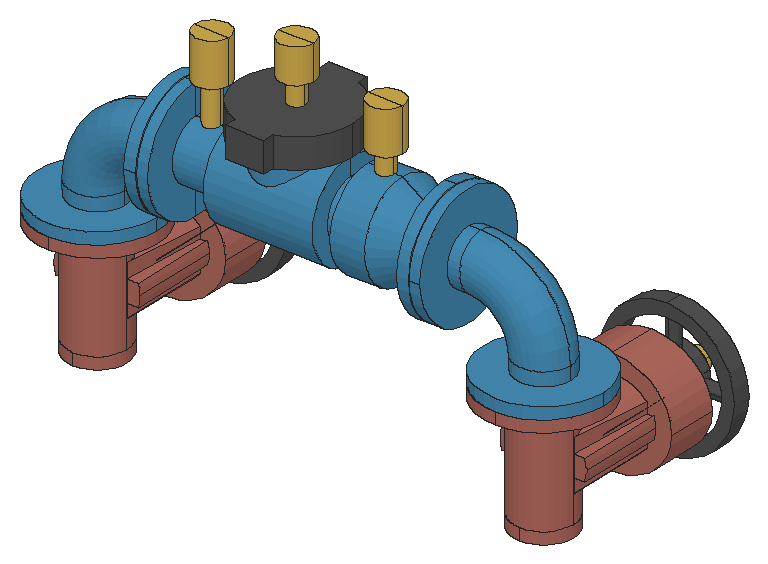
Revit family "backflow_preventer-dc-zurn_wilkins-model_450_450G-(212-3_inch)", category Pipe Accessories, Revit 2022
Family settings
  Round Connector Dimension = Use Radius
  Part Type = Valve - Breaks Into
  OmniClass Number = 23.65.55.14.21
  OmniClass Title = Non-Return Valves for Liquid Services
  Work Plane-Based = No
  Always vertical = Yes
  Cut with Voids When Loaded = No
  Shared = No
Parameters (values of type "212-450G (2-1/2" 450G)")
  Test Cock Center Height = 0' - 3 3/8"
  Symbol Distance = 0' - 3 1/4"
  Symbol = Symbolic diagram 450G : 212"
  Relief valve loction = 0' - 8 1/16"
  Product data url = "https://www.bimobject.com/en/wilkins/product/zurn-450"
  Product Weight (lbs) = 182
  Product Installation Sheet URL = "https://files.zurn.com/care-cleaning-install-warranty-sheets/is350.pdf"
  Product Documentation Link = "https://files.zurn.com/spec-sheets/bf-450-212-3.pdf"
  Modified Date = "10/23/2025"  # constant formula
  Manufacturer Brand = "Zurn Wilkins"  # constant formula
  Main Material = Paint - Zurn - Ductile Iron
  Gate valve = Gate Valve_450 2.5in NRS : 2 1/2" G
  Gate Valve Distance = 0' - 0"
  Flow Rate (GPM) = 0 GPM
  Date Created = "10/23/2025"  # constant formula
  DIM D Center to Coupling End = 0' - 3 3/4"
  DIM C Body center to Gate end = 0' - 11 3/8"
  DIM B Overall Height = 1' - 8 1/2"
  DIM A Length = 2' - 2"
  URL = "https://www.zurn.com"
  Type Comments = ""
  Repair Parts URL = "https://files.zurn.com/repair-parts/350_450_new_file.pdf"
  Rated Flow = 225 GPM
  Product Page URL = "https://www.zurn.com/products/water-control/backflow-preventers/450"
  Pressure Loss at Rated Flow = 8.40 psi
  Nominal Diameter = Nominal Radius * 2  # 0' - 2 1/2"
  Max Working Water Temperature = 140 °F  # constant formula
  Max Working Water Pressure = 175.00 psi  # constant formula
  Length = DIM A Length  # 2' - 2"
  Tesk Cock Height = 0' - 6"
  Symbol Length = 0' - 3"
  Hydrostatic Test Pressure = 350.00 psi  # constant formula
  Height = DIM B Overall Height  # 1' - 8 1/2"
  Gate Length = 0' - 7 1/2"
  Elbow Length = 0' - 5 1/16"
  Elbow = Zurn - Flange - Elbow 450 2.5 NRS : 2.5
  Default Elevation = 0' - 0"
  Body Top radius = 0' - 2 1/2"
  Body Sub A = 0' - 6.35"
  Nominal Radius = 0' - 1 1/4"
  Model = "450G"
  Manufacturer = "Zurn Water, LLC"  # constant formula
  Flange Diameter = 0' - 7"
  Description = "Double Check Valve Assembly"  # constant formula
  Test Cock Second Position = 0' - 11 3/4"
  Test Cock First Position = 0' - 1 5/8"
  Coupling Thickness = 0' - 1"
  Assembly Code = "D2020300"
  Access Panel Radius = Body Sub A * 0.6  # 0' - 3.81"
  Body Size Factor = 0' - 2 1/2"
  Body Large Radius = Body Small Radius * 1.6  # 0' - 2.8"
  Flange Thickness = 0' - 0 11/16"
  Body Small Radius = (Body Size Factor / 2) + 0' 0 1/2"  # 0' - 1 3/4"
  Main Body Length = 1' - 3 7/8"
Reference planes (in)
  plane 1 "Center (Front/Back)": y = 0
  plane 2: z = 0
  plane 3 "Center (Left/Right)": x = 0
  plane 4: x = -13
  plane 5: x = 13
  plane 6: z = 7.5
  plane 7: z = 12.5625
  plane 8: z = 20.5
  plane 9: z = 13.5625
  plane 10: y = 11.375
  plane 11: z = 5.5
  plane 12: y = -3.75
  plane 13: z = 0.375
  plane 14: z = 4.9375
Dimensions and locks (in)
  equal spacing: plane 4, plane 3 "Center (Left/Right)", plane 5
  "Gate Length": plane 6 to level
  "Elbow Length": plane 7 to plane 6
  "DIM B Overall Height": plane 8 to level
  nested 2 to nested 1 = 1' - 3 7/8"
  nested 3 to nested 3 = 1' - 3 7/8"
  nested 3 to plane 5 = 0' - 5 1/16"
  plane 5 to nested 3 = 0' - 5 1/16"
  plane 7 to level = 1' - 0 9/16"
  locked: plane 9 to level at 13.5625
  "DIM C Body center to Gate end": plane 10 to plane 1 "Center (Front/Back)"
  "DIM A Length": plane 5 to plane 4
  "Relief valve loction": plane 9 to plane 11
  "DIM D Center to Coupling End": plane 12 to plane 1 "Center (Front/Back)"
  locked: plane 14 to plane 13 at 4.5625
  "Symbol Distance": level to nested 4
  aligned and locked: plane 5 to nested 1
  aligned and locked: nested 1 to plane 6
  aligned and locked: nested 2 to plane 6
  aligned and locked: plane 4 to nested 2
  aligned and locked: plane 3 "Center (Left/Right)" to nested 3
  aligned and locked: plane 1 "Center (Front/Back)" to nested 3
  aligned and locked: plane 7 to nested 3
  aligned and locked: plane 3 "Center (Left/Right)" to nested 4
  aligned and locked: plane 1 "Center (Front/Back)" to nested 4
  aligned and locked: nested 2 to plane 1 "Center (Front/Back)"
  aligned and locked: nested 1 to plane 1 "Center (Front/Back)"
  aligned and locked: nested 5 to plane 5
  aligned and locked: plane 6 to nested 5
  aligned and locked: nested 6 to plane 4
  aligned and locked: plane 6 to nested 6
  aligned and locked: nested 6 to plane 1 "Center (Front/Back)"
  aligned and locked: nested 5 to plane 1 "Center (Front/Back)"
Nested families (in)
  nested 1: "Zurn - Flange - Elbow 450 2.5 NRS" at (7.9375, 0, 12.5625), type <- "Elbow", type "2.5", detail levels fine
  nested 2: "Zurn - Flange - Elbow 450 2.5 NRS" at (-7.9375, 0, 12.5625) x (-1, 0, 0) z (0, 0, 1), type <- "Elbow", type "2.5", detail levels fine
  nested 3: "Main Body 450 2.5in NRS" at (2.01587, 3, 12.5625), Test Cock Center Height <- "Test Cock Center Height", Relief Valve Location Bottom <- "Relief valve loction", Dim C <- "DIM D Center to Coupling End", Body Top radius <- "Body Top radius", type "6"", detail levels fine
    with Test Cock Center Height 0' - 3 3/8", Relief Valve Location Bottom 0' - 8 1/16", Dim C 0' - 3 3/4", DA Test Cock Height 0' - 6 1/2", Body Top radius 0' - 2 1/2", Sub Body A 0' - 6.35", Flange Diameter 0' - 7", Flange Radius 0' - 3 1/2", DA Second Position 0' - 11 3/4", DA First Position 0' - 1 5/8", Access Panel Radius 0' - 3.81", Pipe Size 0' - 2 1/2", Overall Body Length 2' - 2", Larger Radius 0' - 2.8", Body Radius 0' - 1 3/4", Main Body Length 1' - 3 7/8"
  nested 4: "Symbolic diagram 450G" at (0, 0, 0), type <- "Symbol", type "212"", detail levels coarse+medium
    with Product Install & Maintenance Sheet URL ""
  nested 5: "Gate Valve_450 2.5in NRS" at (13, 0, 3.75) x (0, 0, 1) z (0, 1, 0), type <- "Gate valve", type "2 1/2" G", detail levels fine
    with Housing Top Radius 0' - 1 11/16", Housing Bottom Radius 0' - 1 13/16", Horizontal Flange Thickness 0' - 2 7/8", Horizontal Flange Height 0' - 7 7/8", Cover Diameter 0' - 3", Body Radius 0' - 1 3/4", Body Diameter 0' - 3 1/2"
  nested 6: "Gate Valve_450 2.5in NRS" at (-13, 0, 3.75) x (0, 0, 1) z (0, 1, 0), type <- "Gate valve", type "2 1/2" G", detail levels fine
    with Housing Top Radius 0' - 1 11/16", Housing Bottom Radius 0' - 1 13/16", Horizontal Flange Thickness 0' - 2 7/8", Horizontal Flange Height 0' - 7 7/8", Cover Diameter 0' - 3", Body Radius 0' - 1 3/4", Body Diameter 0' - 3 1/2"
Connectors (in)
  piping at (-13, 0, 0), diameter 2.5, driven by "Nominal Radius"
    settings: on nested 6, index 1, connector inside diameter 24", connector length 0' - 0", flow factor 0, pipe flow 0 GPM, pressure drop 0.00 psi, fitting loss kfactor 0, connector angle 0.00°, fixture units 0, engagement length 0' - 0", angle of deflection 0.00°, flow configuration 0, flow direction 1, fitting loss method 0, system type 29, joint type 0, gender type 0, connector reference index 2, connector utility 0, adjustable connector no, is connector primary yes, connector description "Inlet"
  piping at (13, 0, 0), diameter 2.5, driven by "Nominal Radius"
    settings: on nested 5, index 2, connector inside diameter 24", connector length 0' - 0", flow factor 0, pipe flow 0 GPM, pressure drop 0.00 psi, fitting loss kfactor 0, connector angle 0.00°, fixture units 0, engagement length 0' - 0", angle of deflection 0.00°, flow configuration 0, flow direction 2, fitting loss method 0, system type 29, joint type 0, gender type 0, connector reference index 1, connector utility 0, adjustable connector no, is connector primary no, connector description "Outlet"
Definition of nested family "Zurn - Flange - Elbow 450 2.5 NRS"
  Parameters (values of type "2.5")
    Pipe Outside Radius = Pipe Outside Diameter / 2  # 0' - 1 19/32"
    Pipe Outside Diameter = 0' - 3 3/16"
    Nominal Radius = Nominal Diameter / 2  # 1 1/4"
    Nominal Diameter = 2 1/2"
    Material = none
    Loss Method = (empty or 0)
    K Coefficient = 0
    Flange Thickness = 0' - 0 11/16"
    Flange Radius = Flange Diameter / 2  # 0' - 3 1/2"
    Flange Diameter = 0' - 7"
    Elbow Length Y = 0' - 5 1/16"
    Elbow Length X = 0' - 5 1/16"
    Default Elevation = 0' - 0"
    Assembly Code = ""
  Types (2): name | Pipe Outside Radius | Pipe Outside Diameter | Nominal Radius | Nominal Diameter | Flange Radius | Flange Diameter | Elbow Length Y | Elbow Length X
    2.5 | 0' - 1 19/32" | 0' - 3 3/16" | 1 1/4" | 2 1/2" | 0' - 3 1/2" | 0' - 7" | 0' - 5 1/16" | 0' - 5 1/16"
    3" | 0' - 2" | 0' - 4" | 1 1/2" | 3" | 0' - 3 3/4" | 0' - 7 1/2" | 0' - 5 9/16" | 0' - 3 3/4"
  Reference planes (in)
    plane 1 "Center (Front/Back)": y = 0
    plane 2: z = 0
    plane 3 "Center (Left/Right)": x = 0
    plane 4: x = 0.6875
    plane 5: x = 5.0625
    plane 6: z = -4.375
    plane 7 "Flange Valve Connection": z = -5.0625
  Forms (in)
    Extrusion 1, solid, material <- "Material", detail levels fine
      sketch origin (0, 0, 0) x (0, 1, 0) y (0, 0, 1)
        loop
          circle (0, 0) r 3.5
      from 0 to 0.6875
    Extrusion 2, solid, material <- "Material", detail levels fine
      sketch origin (0, 0, -5.0625) x (-1, 0, 0) y (0, -1, 0)
        loop
          circle (-5.0625, 0) r 3.5
      from 0 to 0.6875
    Sweep 3, solid, material <- "Material", detail levels fine
      path origin (0, 0, 0) x (1, 0, 0) y (0, 0, 1)
        loop
          line (0, 0) -> (1.4375, 0)
          arc (1.4375, 0) -> (4.00076, -1.06174) -> (5.0625, -3.625) r 3.625
          line (5.0625, -3.625) -> (5.0625, -5.0625)
      profile origin (0.71875, 0, 0) x (0, 0, 1) y (0, -1, 0)
        loop
          circle (0, 0) r 1.59375
  Lines and regions (in)
    Masking region 1, detail levels fine
      outline origin (0, 0, 0) x (1, 0, 0) y (0, 1, 0)
        loop
          line (0, -3.5) -> (0.6875, -3.5) -> (0.6875, 3.5) -> (0, 3.5) -> (0, -3.5)
    Masking region 2, detail levels fine
      outline origin (0, 0, 0) x (1, 0, 0) y (0, 1, 0)
        loop
          arc (1.94642, -1.59375) -> (8.5625, 0) -> (1.94642, 1.59375) r 3.5
          line (1.94642, 1.59375) -> (0, 1.59375) -> (0, -1.59375) -> (1.94642, -1.59375)
  Dimensions and locks (in)
    "Flange Thickness": plane 4 to plane 3 "Center (Left/Right)"
    "Elbow Length X": plane 5 to plane 3 "Center (Left/Right)"
    "Elbow Length Y": level to plane 7 "Flange Valve Connection"
    "Flange Thickness": plane 6 to plane 7 "Flange Valve Connection"
    locked: plane 1 "Center (Front/Back)" to Extrusion 1 sketch curve
    locked: level to Extrusion 1 sketch curve
    locked: plane 5 to Extrusion 2 sketch curve
    locked: plane 1 "Center (Front/Back)" to Extrusion 2 sketch curve
    "Flange Radius": plane 1 "Center (Front/Back)" to Masking region 1 sketch curve
    "Flange Radius": Masking region 1 sketch curve to plane 1 "Center (Front/Back)"
    "Pipe Outside Radius": plane 1 "Center (Front/Back)" to Masking region 2 sketch curve
    "Pipe Outside Radius": Masking region 2 sketch curve to plane 1 "Center (Front/Back)"
    "Pipe Outside Radius": radius of Sweep 3 sketch curve
    "Flange Diameter": diameter of Extrusion 1 sketch curve
    "Flange Diameter": diameter of Extrusion 2 sketch curve
    aligned and locked: plane 4 to Extrusion 1
    aligned and locked: Extrusion 1 to plane 3 "Center (Left/Right)"
    aligned and locked: Extrusion 2 to plane 7 "Flange Valve Connection"
    aligned and locked: plane 6 to Extrusion 2
    aligned and locked: Sweep 3 sketch curve to level
    aligned and locked: Sweep 3 sketch curve to plane 5
    aligned and locked: Masking region 1 sketch curve to plane 3 "Center (Left/Right)"
    aligned and locked: plane 4 to Masking region 1 sketch curve
    aligned and locked: Masking region 2 sketch curve to Extrusion 2
    aligned and locked: plane 3 "Center (Left/Right)" to Masking region 2 sketch curve
  Automatic sketch dimensions
    Sweep 3 sketch curve to plane 1 "Center (Front/Back)" = 0' - 0"
    profile plane to Sweep 3 sketch curve = 0' - 0"
    Sweep 3 sketch curve to plane 3 "Center (Left/Right)" = 0' - 0"
    Sweep 3 sketch curve to plane 7 "Flange Valve Connection" = 0' - 0"
    plane 4 to Sweep 3 sketch curve = 0' - 0 3/4"
Definition of nested family "Main Body 450 2.5in NRS"
  Parameters (values of type "6"")
    Test Cock Radius = 0' - 0 1/2"
    Test Cock Center Height [instance] = 0' - 3"
    Relief Valve Location Length = 0' - 8 3/8"
    Relief Valve Location Bottom [instance] = 0' - 9 3/8"
    Loss Method = (empty or 0)
    Dim C [instance] = 0' - 3 1/2"
    Default Elevation = 0' - 0"
    DA Test Cock Height [instance] = 1' - 0 79/128"
    Sub Body A = 0' - 6 1/2"
    Weight = "196 lbs, (88.9 kgs)"
    Flange Diameter = 0' - 7 1/2"
    Flange Radius = Flange Diameter / 2  # 0' - 3 3/4"
    DA Second Position = 1' - 2"
    DA First Position = 0' - 1 7/8"
    Coupling Width = 0' - 2 1/4"
    Body Top radius [instance] = 0' - 2 1/4"
    Assembly Code = ""
    Access Panel Radius = Sub Body A * 0.6  # 0' - 3.9"
    Pipe Size = 0' - 3"
    Overall Body Length = 2' - 3"
    Larger Radius = Body Radius * 1.6  # 0' - 3.2"
    Flange Thickness = 0' - 0 11/16"
    Body Radius = (Pipe Size / 2) + 0' 0 1/2"  # 0' - 2"
    Main Body Length = 1' - 7 1/2"
  Reference planes (in)
    plane 1 "Center (Front/Back)": y = -3
    plane 2: z = 0
    plane 3 "Center (Left/Right)": x = -2.01587
    plane 4: z = 2
    plane 5: x = -11.76587
    plane 6: x = 7.73413
    plane 7: y = -1
    plane 8: y = -5
    plane 9: z = -2
    plane 10: x = 6.23413
    plane 11 "G Center": x = -3.39087
    plane 12: x = -15.51587
    plane 13: x = 11.48413
    plane 14: x = -1.64087
    plane 15: x = 1.23413
    plane 16: y = 0.2
    plane 17: y = -6.2
    plane 18: x = -8.14087
    plane 19: x = -4.89087
    plane 20: z = 3.2
    plane 21: z = -3.2
    plane 22: z = 4.95
    plane 23: z = -9.375
    plane 24: z = -4.7
    plane 25: x = 7.04663
    plane 26: x = -11.07837
    plane 27: x = 3.23413
    plane 28: x = -0.64087
    plane 29 "DA First": x = -9.89087
    plane 30: y = 0
    plane 31: z = -6.7375
    plane 32: x = -7.39087
    plane 33: x = -4.14087
    plane 34: x = -6.64087
    plane 35: x = -5.89087
    plane 36 "DA Second": x = 2.23413
    plane 37 "975 plan": y = 6.75
    plane 38: y = 0.0006
    plane 39: y = 8.8744
    plane 40: y = 0.5
    plane 41: y = -6.5
  Forms (in)
    Revolve 1, solid, detail levels fine
      sketch origin (0, -3, 0) x (1, 0, 0) y (0, 0, 1)
        loop
          line (-4.89087, 7.95) -> (-5.89087, 7.95) -> (-5.89087, 5.95) -> (-5.39087, 5.95) -> (-5.39087, 4.95) -> (-4.89087, 4.95) -> (-4.89087, 7.95)
        axis (-4.89087, 4.95) -> (-4.89087, 7.95)
      angle from 0 to 360
    Revolve 2, solid, detail levels fine
      sketch origin (0, -3, 0) x (1, 0, 0) y (0, 0, 1)
        loop
          line (-11.76587, 0) -> (7.73413, 0) -> (7.73413, 3.75) -> (7.04663, 3.75) -> (7.04663, 2) -> (6.23413, 2) -> (3.23413, 3.2) -> (1.23413, 3.2) -> (-0.64087, 2) -> (-1.64087, 2) -> (-1.64087, 3.2) -> (-8.14087, 3.2) -> (-8.14087, 2) -> (-11.07837, 2) -> (-11.07837, 3.75) -> (-11.76587, 3.75) -> (-11.76587, 0)
        axis (-11.76587, 0) -> (7.73413, 0)
      angle from 0 to 360
    Revolve 3, solid, detail levels fine
      sketch origin (0, -3, 0) x (1, 0, 0) y (0, 0, 1)
        loop
          line (-4.89087, 4.95) -> (-8.26587, 4.95) -> (-8.26587, 3.2) -> (-4.89087, 3.2) -> (-4.89087, 4.95)
        axis (-4.89087, 4.95) -> (-4.89087, 3.2)
      angle from 0 to 360
    Revolve 4, solid, detail levels fine
      sketch origin (0, -3, 0) x (1, 0, 0) y (0, 0, 1)
        loop
          line (-9.89087, 12.61719) -> (-10.89087, 12.61719) -> (-10.89087, 10.11719) -> (-10.39087, 10.11719) -> (-10.39087, 0) -> (-9.89087, 0) -> (-9.89087, 12.61719)
        axis (-9.89087, 0) -> (-9.89087, 12.61719)
      angle from 0 to 360
    Revolve 5, solid, detail levels fine
      sketch origin (0, -3, 0) x (1, 0, 0) y (0, 0, 1)
        loop
          line (1.23413, 12.61719) -> (1.23413, 10.11719) -> (1.73413, 10.11719) -> (1.73413, 0) -> (2.23413, 0) -> (2.23413, 12.61719) -> (1.23413, 12.61719)
        axis (2.23413, 12.61719) -> (2.23413, 0)
      angle from 0 to 360
    Revolve 6, solid, not visible, detail levels fine
      sketch origin (11.35094, 0.0006, 9.04581) x (1, 0, 0) y (0, 0, 1)
        loop
          line (0.21059, 8.51012) -> (2.6859, 10.98544) -> (2.31539, 11.35595) -> (2.0692, 11.10976) -> (1.49857, 11.68039) -> (1.12385, 11.30567) -> (1.24832, 11.18121) -> (-0.60609, 9.3268) -> (0.21059, 8.51012)
        axis (0.21059, 8.51012) -> (2.6859, 10.98544)
      angle from 0 to 360
    Revolve 7, solid, not visible, detail levels fine
      sketch origin (2.52997, 0.0006, 20.02093) x (0, 0, -1) y (1, 0, 0)
        loop
          line (2.40235, 10.70189) -> (4.87767, 13.1772) -> (4.50716, 13.54771) -> (4.26097, 13.30153) -> (3.69034, 13.87216) -> (3.31562, 13.49744) -> (3.44008, 13.37297) -> (1.58568, 11.51857) -> (2.40235, 10.70189)
        axis (2.40235, 10.70189) -> (4.87767, 13.1772)
      angle from 0 to 360
    Revolve 8, solid, not visible, detail levels fine
      sketch origin (11.5154, 0.0006, 9.22344) x (1, 0, 0) y (0, 0, 1)
        loop
          line (-2.05488, 8.2058) -> (5.10322, 8.2058) -> (5.10322, 8.87623) -> (-2.05488, 8.87623) -> (-2.05488, 8.2058)
        axis (-2.05488, 8.2058) -> (5.10322, 8.2058)
      angle from 0 to 360
    Extrusion 9, solid, not visible, detail levels fine
      sketch origin (11.59116, 0, 9.22344) x (1, 0, 0) y (0, 0, 1)
        loop
          line (0.17343, 5.93473) -> (1.74663, 5.93473) -> (1.74663, 8.18323) -> (0.17343, 8.18323) -> (0.17343, 5.93473)
      from -0.15 to 0.15
    Extrusion 10, solid, not visible, detail levels fine
      sketch origin (11.53113, 0, 6.68212) x (1, 0, 0) y (0, 0, 1)
        loop
          line (1.87298, 7.9111) -> (1.87298, 6.62405) -> (2.37298, 6.62405) -> (2.37298, 7.6611)
          arc (2.37298, 7.6611) -> (2.29976, 7.83788) -> (2.12298, 7.9111) r 0.25
          line (2.12298, 7.9111) -> (1.87298, 7.9111)
      from -0.25 to 0.25
    Revolve 11, solid, not visible, detail levels fine
      sketch origin (13.03957, 0, 17.42924) x (1, 0, 0) y (0, 0, 1)
        loop
          line (-1.1505, -0.75) -> (-1.67885, -0.75) -> (-1.67885, -2.875) -> (-1.1505, -2.875) -> (-1.1505, -0.75)
        loop
          line (-2.21463, -0.75) -> (-2.21463, -2.875) -> (-1.68628, -2.875) -> (-1.68628, -0.75) -> (-2.21463, -0.75)
        axis (-1.1505, -2.875) -> (-2.21463, -2.875)
      angle from 0 to 360
    Revolve 12, solid, not visible, detail levels fine
      sketch origin (13.03957, 0, 17.42924) x (1, 0, 0) y (0, 0, 1)
        loop
          line (-1.15793, -2.875) -> (-1.15793, -4.37148) -> (0.65675, -3.83098) -> (0.65675, -2.875) -> (-1.15793, -2.875)
        axis (0.65675, -2.875) -> (-1.15793, -2.875)
      angle from 0 to 360
    Revolve 13, solid, not visible, detail levels fine
      sketch origin (13.03957, 0, 17.42924) x (1, 0, 0) y (0, 0, 1)
        loop
          line (-2.21463, -2.875) -> (-2.21463, -2.50845) -> (-2.6114, -2.50845) -> (-2.6114, -2.875) -> (-2.21463, -2.875)
        axis (-2.21463, -2.875) -> (-2.6114, -2.875)
      angle from 0 to 360
    Extrusion 14, solid, detail levels fine
      sketch origin (0, -3, 0) x (1, 0, 0) y (0, 0, 1)
        loop
          line (-6.01587, 4.95) -> (-6.01587, 3.2) -> (-3.76587, 3.2) -> (-3.76587, 4.95) -> (-6.01587, 4.95)
      from -3.5 to 3.5
    Extrusion 15, solid, detail levels fine
      sketch origin (0, 0, 0) x (1, 0, 0) y (0, 1, 0)
        loop
          circle (-4.89087, -3) r 2.25
      from 0 to 3.2
  Cuts and joins
    joined: Revolve 3, Extrusion 14
    joined: Revolve 2, Extrusion 15
  Lines and regions (in)
    Masking region 1, detail levels fine
      outline origin (0, 0, 0) x (1, 0, 0) y (0, 1, 0)
        loop
          line (-11.76587, 0.75) -> (-11.76587, -3) -> (-11.76587, -6.75) -> (-11.07837, -6.75) -> (-11.07837, -5) -> (-8.14087, -5) -> (-8.14087, -6.2) -> (-7.12022, -6.2)
          arc (-7.12022, -6.2) -> (-4.89087, -6.9) -> (-2.66152, -6.2) r 3.9
          line (-2.66152, -6.2) -> (-1.64087, -6.2) -> (-1.64087, -5) -> (-0.64087, -5) -> (1.23413, -6.2) -> (3.23413, -6.2) -> (6.23413, -5) -> (7.04663, -5) -> (7.04663, -6.75) -> (7.73413, -6.75) -> (7.73413, -3) -> (7.73413, 0.75) -> (7.04663, 0.75) -> (7.04663, -1) -> (6.23413, -1) -> (3.23413, 0.2) -> (1.23413, 0.2) -> (-0.64087, -1) -> (-1.64087, -1) -> (-1.64087, 0.2) -> (-2.66152, 0.2)
          arc (-2.66152, 0.2) -> (-4.89087, 0.9) -> (-7.12022, 0.2) r 3.9
          line (-7.12022, 0.2) -> (-8.14087, 0.2) -> (-8.14087, -1) -> (-11.07837, -1) -> (-11.07837, 0.75) -> (-11.76587, 0.75)
    symbolic lines, detail levels fine
      curve 1: line (7.04663, -1, 0) -> (6.23413, -1, 0)
      curve 2: line (7.04663, -5, 0) -> (6.23413, -5, 0)
      curve 3: line (-0.64087, -1, 0) -> (-1.64087, -1, 0)
      curve 4: line (-0.64087, -5, 0) -> (-1.64087, -5, 0)
      curve 5: line (-8.14087, -6.2, 0) -> (-8.14087, 0.2, 0)
      curve 6: line (-1.64087, 0.2, 0) -> (-1.64087, -6.2, 0)
      curve 7: line (-0.64087, -1, 0) -> (1.23413, 0.2, 0)
      curve 8: line (1.23413, 0.2, 0) -> (3.23413, 0.2, 0)
      curve 9: line (3.23413, 0.2, 0) -> (6.23413, -1, 0)
      curve 10: line (6.23413, -5, 0) -> (3.23413, -6.2, 0)
      curve 11: line (3.23413, -6.2, 0) -> (1.23413, -6.2, 0)
      curve 12: line (1.23413, -6.2, 0) -> (-0.64087, -5, 0)
      curve 13: line (-8.14087, -1, 0) -> (-11.07837, -1, 0)
      curve 14: line (-11.07837, -5, 0) -> (-8.14087, -5, 0)
      curve 15: line (1.23413, 0.2, 0) -> (1.23413, -6.2, 0)
      curve 16: line (3.23413, 0.2, 0) -> (3.23413, -6.2, 0)
      curve 17: line (-0.64087, -1, 0) -> (-0.64087, -5, 0)
      curve 18: line (6.23413, -1, 0) -> (6.23413, -5, 0)
      curve 19: line (-11.76587, 0.75, 0) -> (-11.07837, 0.75, 0)
      curve 20: line (-11.76587, -6.75, 0) -> (-11.76587, 0.75, 0)
      curve 21: line (-11.07837, -6.75, 0) -> (-11.76587, -6.75, 0)
      curve 22: line (-11.07837, 0.75, 0) -> (-11.07837, -6.75, 0)
      curve 23: line (7.04663, -6.75, 0) -> (7.73413, -6.75, 0)
      curve 24: line (7.04663, 0.75, 0) -> (7.04663, -6.75, 0)
      curve 25: line (7.73413, 0.75, 0) -> (7.04663, 0.75, 0)
      curve 26: line (7.73413, -6.75, 0) -> (7.73413, 0.75, 0)
  Dimensions and locks (in)
    equal spacing: plane 5, plane 3 "Center (Left/Right)", plane 6
    "Main Body Length": plane 5 to plane 6
    "Relief Valve Location Length": plane 5 to plane 11 "G Center"
    equal spacing: plane 12, plane 3 "Center (Left/Right)", plane 13
    "Overall Body Length": plane 12 to plane 13
    locked: plane 29 "DA First" to plane 18 at 1.75
    "Sub Body A": plane 18 to plane 14
    equal spacing: plane 18, plane 19, plane 14
    locked: plane 22 to plane 20 at 1.75
    "Relief Valve Location Bottom": level to plane 23
    locked: plane 21 to plane 24 at 1.5
    "Flange Thickness": plane 25 to plane 6
    "Flange Thickness": plane 26 to plane 5
    locked: plane 10 to plane 6 at 1.5
    locked: plane 15 to plane 27 at 2
    "Test Cock Center Height": plane 30 to plane 1 "Center (Front/Back)"
    plane 11 "G Center" to plane 33 to plane 35 to plane 34 to plane 32 = 0' - 0 3/4" locked, 0' - 1 3/4" locked, 0' - 0 3/4" locked, 0' - 0 3/4" locked
    "Flange Radius": plane 1 "Center (Front/Back)" to curve 19
    "Flange Radius": plane 1 "Center (Front/Back)" to curve 21
    locked: plane 31 to plane 23 at 2.6375
    "Test Cock Radius": Revolve 1 sketch curve to Revolve 1 sketch curve
    equal spacing: plane 27, plane 36 "DA Second", plane 15
    Revolve 3 sketch curve to plane 18 = 0' - 0 1/8"
    "Test Cock Radius": Revolve 4 sketch curve to Revolve 4 sketch curve
    "DA Test Cock Height": Revolve 4 sketch curve to level
    "Test Cock Radius": Revolve 5 sketch curve to Revolve 5 sketch curve
    "DA Test Cock Height": Revolve 5 sketch curve to Revolve 5 sketch curve
    "Flange Radius": Revolve 2 sketch curve to level  (x2)
    "Flange Thickness": Revolve 2 sketch curve to Revolve 2 sketch curve  (x2)
    "DA First Position": plane 5 to plane 29 "DA First"
    "DA Second Position": plane 5 to plane 36 "DA Second"
    plane 14 to plane 28 = 0' - 1"
    "Test Cock Center Height": Revolve 1 sketch curve to plane 22
    locked: Revolve 5 sketch curve to Revolve 5 sketch curve at 0.5
    locked: Revolve 5 sketch curve to Revolve 5 sketch curve at 2.5
    locked: Revolve 1 sketch curve to Revolve 1 sketch curve at 0.5
    locked: Revolve 4 sketch curve to Revolve 4 sketch curve at 0.5
    locked: Revolve 4 sketch curve to Revolve 4 sketch curve at 2.5
    "Larger Radius": plane 20 to level
    "Larger Radius": level to plane 21
    "Larger Radius": plane 16 to plane 1 "Center (Front/Back)"
    "Larger Radius": plane 17 to plane 1 "Center (Front/Back)"
    "Body Radius": plane 7 to plane 1 "Center (Front/Back)"
    "Body Radius": plane 8 to plane 1 "Center (Front/Back)"
    "Body Radius": plane 4 to level
    "Body Radius": level to plane 9
    locked: plane 39 to plane 37 "975 plan" at 2.1244
    plane 39 to plane 1 "Center (Front/Back)" = 0' - 11.8744"
    locked: Revolve 1 sketch curve to Revolve 1 sketch curve at 2
    equal spacing: Extrusion 14 sketch curve, plane 19, Extrusion 14 sketch curve
    "Coupling Width": Extrusion 14 sketch curve to Extrusion 14 sketch curve
    equal spacing: plane 40, plane 1 "Center (Front/Back)", plane 41
    "Dim C": plane 40 to plane 1 "Center (Front/Back)"
    "Access Panel Radius": radius of Masking region 1 sketch curve  (x2)
    "Body Top radius": radius of Extrusion 15 sketch curve
    aligned and locked: curve 6 to plane 14
    aligned and locked: plane 18 to curve 5
    aligned and locked: plane 16 to curve 8
    aligned and locked: plane 17 to curve 11
    aligned and locked: plane 7 to curve 13
    aligned and locked: curve 14 to plane 8
    aligned and locked: curve 15 to plane 15
    aligned and locked: curve 16 to plane 27
    aligned and locked: curve 17 to plane 28
    aligned and locked: plane 10 to curve 18
    aligned and locked: plane 5 to curve 20
    aligned and locked: plane 26 to curve 22
    aligned and locked: curve 24 to plane 25
    aligned and locked: plane 6 to curve 26
    aligned and locked: curve 25 to curve 19
    aligned and locked: curve 21 to curve 23
    aligned and locked: plane 19 to Revolve 1 sketch curve
    aligned and locked: plane 22 to Revolve 1 sketch curve
    aligned and locked: Revolve 1 sketch curve to plane 19
    aligned and locked: Revolve 2 sketch curve to level
    aligned and locked: plane 5 to Revolve 2 sketch curve
    aligned and locked: Revolve 2 sketch curve to plane 4  (x2)
    aligned and locked: plane 18 to Revolve 2 sketch curve
    aligned and locked: Revolve 2 sketch curve to plane 20  (x2)
    aligned and locked: Revolve 2 sketch curve to plane 14
    aligned and locked: Revolve 2 sketch curve to plane 6
    aligned and locked: plane 22 to Revolve 3 sketch curve
    aligned and locked: Revolve 3 sketch curve to plane 20
    aligned and locked: Revolve 3 sketch curve to plane 19
    aligned and locked: plane 29 "DA First" to Revolve 4 sketch curve  (x2)
    aligned and locked: Revolve 4 sketch curve to level
    aligned and locked: Revolve 5 sketch curve to plane 36 "DA Second"  (x2)
    aligned and locked: Revolve 4 to Revolve 5 sketch curve
    aligned and locked: Revolve 6 sketch curve to Revolve 6 sketch curve
    aligned and locked: Revolve 7 sketch curve to Revolve 7 sketch curve
    aligned and locked: Revolve 11 sketch curve to Revolve 11 sketch curve
    aligned and locked: Revolve 12 sketch curve to Revolve 12 sketch curve
    aligned and locked: Masking region 1 sketch curve to Revolve 2  (x8)
    aligned and locked: Masking region 1 sketch curve to curve 19
    aligned and locked: Masking region 1 sketch curve to curve 13
    aligned and locked: Masking region 1 sketch curve to curve 3
    aligned and locked: Masking region 1 sketch curve to curve 7
    aligned and locked: Masking region 1 sketch curve to curve 8
    aligned and locked: Masking region 1 sketch curve to curve 9
    aligned and locked: Masking region 1 sketch curve to curve 1
    aligned and locked: Masking region 1 sketch curve to curve 25
    aligned and locked: Masking region 1 sketch curve to curve 23
    aligned and locked: Revolve 2 to Masking region 1 sketch curve  (x4)
    aligned and locked: Masking region 1 sketch curve to curve 2
    aligned and locked: Masking region 1 sketch curve to curve 10
    aligned and locked: Masking region 1 sketch curve to curve 11
    aligned and locked: Masking region 1 sketch curve to curve 12
    aligned and locked: Masking region 1 sketch curve to curve 4
    aligned and locked: Masking region 1 sketch curve to curve 21
    aligned and locked: Masking region 1 sketch curve to curve 14
    aligned and locked: Masking region 1 sketch curve to plane 16  (x2)
    aligned and locked: Masking region 1 sketch curve to plane 17  (x2)
    aligned and locked: plane 1 "Center (Front/Back)" to Masking region 1 sketch curve  (x2)
    aligned and locked: plane 19 to Masking region 1 sketch curve  (x2)
    aligned and locked: Extrusion 14 sketch curve to plane 22
    aligned and locked: plane 20 to Extrusion 14 sketch curve
    aligned and locked: cut or joined group of Revolve 3, Extrusion 14 to plane 40
    aligned and locked: plane 41 to cut or joined group of Revolve 3, Extrusion 14
    aligned and locked: plane 19 to Extrusion 15 sketch curve
    aligned and locked: plane 1 "Center (Front/Back)" to Extrusion 15 sketch curve
    aligned and locked: plane 20 to Extrusion 15
    aligned and locked: Extrusion 15 to level
  Automatic sketch dimensions
    Revolve 6 sketch curve to Revolve 6 sketch curve = 0' - 0.70128"
    Revolve 6 sketch curve to Revolve 6 sketch curve = 0' - 0.1154"  (x2)
    Revolve 6 sketch curve to Revolve 6 sketch curve = 0' - 0.12447"
    Revolve 6 sketch curve to Revolve 6 sketch curve = 0' - 0.37472"
    Revolve 7 sketch curve to Revolve 7 sketch curve = 0' - 0.70128"
    Revolve 7 sketch curve to Revolve 7 sketch curve = 0' - 1.72994"
    Revolve 8 sketch curve to Revolve 8 sketch curve = 0' - 1 1/4"
    Revolve 8 sketch curve to Revolve 8 sketch curve = 0' - 0.94376"
    Revolve 8 sketch curve to Revolve 8 sketch curve = 0' - 0"
    Revolve 8 sketch curve to Revolve 8 sketch curve = 0' - 0.67043"
    Extrusion 9 sketch curve to Extrusion 9 sketch curve = 0' - 2.24851"
    Extrusion 10 sketch curve to Extrusion 10 sketch curve = 0' - 1.03705"
    Revolve 11 sketch curve to Revolve 11 sketch curve = 0' - 0.26727"
    Revolve 11 sketch curve to Revolve 11 sketch curve = 0' - 0.52835"  (x2)
    Revolve 11 sketch curve to Revolve 11 sketch curve = 0' - 0.00743"
    Revolve 11 sketch curve to Revolve 11 sketch curve = 0' - 0.12478"
    Revolve 11 sketch curve to Revolve 11 sketch curve = 0' - 0"  (x2)
    Revolve 11 sketch curve to Revolve 11 sketch curve = 0' - 2 1/8"
    Revolve 12 sketch curve to Revolve 12 sketch curve = 0' - 0.09121"
    Revolve 12 sketch curve to Revolve 12 sketch curve = 0' - 0.23963"
    Revolve 12 sketch curve to Revolve 12 sketch curve = 0' - 0.5405"
    Revolve 12 sketch curve to Revolve 12 sketch curve = 0' - 1.49648"
    Revolve 13 sketch curve to Revolve 13 sketch curve = 0' - 0.47635"
    Revolve 13 sketch curve to Revolve 13 sketch curve = 0' - 0.39677"
    Revolve 13 sketch curve to Revolve 13 sketch curve = 0' - 0"  (x2)
    Revolve 13 sketch curve to Revolve 13 sketch curve = 0' - 0.36655"
    Revolve 6 sketch curve to Revolve 6 sketch curve = 0' - 1.72994"
    Revolve 6 sketch curve to Revolve 6 sketch curve = 0' - 0.20712"
    Revolve 6 sketch curve to Revolve 6 sketch curve = 0' - 0.57063"
    Revolve 6 sketch curve to Revolve 6 sketch curve = 0' - 0.24619"
    Revolve 7 sketch curve to Revolve 7 sketch curve = 0' - 0.1154"  (x2)
    Revolve 7 sketch curve to Revolve 7 sketch curve = 0' - 0.12447"
    Revolve 7 sketch curve to Revolve 7 sketch curve = 0' - 0.20712"
    Revolve 7 sketch curve to Revolve 7 sketch curve = 0' - 0.37472"
    Revolve 7 sketch curve to Revolve 7 sketch curve = 0' - 0.57063"
    Revolve 7 sketch curve to Revolve 7 sketch curve = 0' - 0.24619"
    Revolve 8 sketch curve to Revolve 8 sketch curve = 0' - 7.1581"
    Extrusion 9 sketch curve to Extrusion 9 sketch curve = 0' - 1.57319"
    Extrusion 10 sketch curve to Extrusion 10 sketch curve = 0' - 0 1/4"
    Extrusion 10 sketch curve to Extrusion 10 sketch curve = 0' - 0 1/2"
    Revolve 12 sketch curve to Revolve 12 sketch curve = 0' - 1.81468"
    curve 4 to plane 8 = 0' - 0"
    curve 10 to plane 8 = 0' - 0"
    curve 9 to plane 7 = 0' - 0"
    curve 7 to plane 7 = 0' - 0"
    Revolve 2 sketch curve to plane 28 = 0' - 0"
    Revolve 2 sketch curve to plane 15 = 0' - 0"
    Revolve 2 sketch curve to plane 27 = 0' - 0"
    Revolve 2 sketch curve to plane 4 = 0' - 0"
    plane 10 to Revolve 2 sketch curve = 0' - 0"
    Revolve 2 sketch curve to level = 0' - 0"
    Revolve 2 sketch curve to plane 12 = 0' - 2 1/2"
    plane 13 to Revolve 2 sketch curve = 0' - 2 3/16"
    Revolve 3 sketch curve to plane 19 = 0' - 0"
    plane 4 to Revolve 3 sketch curve = 0' - 0.05"
    Revolve 3 sketch curve to Revolve 3 sketch curve = 0' - 0 3/4"
    Revolve 4 sketch curve to Revolve 4 sketch curve = 0' - 2.44498"
    Revolve 4 sketch curve to Revolve 4 sketch curve = 0' - 0 3/4"
    Revolve 5 sketch curve to Revolve 5 sketch curve = 0' - 0.24842"
    Revolve 5 sketch curve to Revolve 5 sketch curve = 0' - 0.50158"
    Revolve 1 sketch curve to Revolve 1 sketch curve = 0' - 0.19964"
    Revolve 1 sketch curve to Revolve 1 sketch curve = 0' - 0.07536"
    plane 1 "Center (Front/Back)" to Masking region 1 sketch curve = 0' - 0"  (x2)
    curve 5 to plane 17 = 0' - 0"
    curve 6 to plane 17 = 0' - 0"
    curve 6 to plane 16 = 0' - 0"
    curve 5 to plane 16 = 0' - 0"
Definition of nested family "Gate Valve_450 2.5in NRS"
  Parameters (values of type "3" G")
    URL = "http://www.zurn.com/operations/wilkins/pdfs/specsheets/GV-48WILKINS.pdf"
    Symbol Width = 0.5 * Body Length * tan(30.00°)  # 0' - 2.3094"
    Spoke Width = Hand Wheel Radius - 0' 0 3/4"  # 0' - 4 3/8"
    Side Flange Radius = 0' - 2"
    Pipe Size = 0' - 3"
    Pipe Radius = 0' - 1 1/2"
    Open Height = 1' - 0 3/8"
    OSY = no
    Model = "48"
    Manufacturer = "Zurn Wilkins"
    Loss Method = (empty or 0)
    Housing Top Radius [instance] = Housing Bottom Radius - 0' 0 1/8"  # 0' - 1 11/16"
    Housing Bottom Radius [instance] = if(Hand Wheel Diameter > 0' 11", 0' 2 1/2", 0' 1 13/16")  # 0' - 1 13/16"
    Horizontal Flange Thickness [instance] = ((Flange Thickness * 2) * 2) + 0' 0 1/8"  # 0' - 3 1/8"
    Horizontal Flange Height [instance] = Closed Height - 0' 3 1/2"  # 0' - 8 7/8"
    Hand Wheel Height = Open Height / 2  # 0' - 6 3/16"
    Hand Wheel Radius = Hand Wheel Diameter / 2  # 0' - 5 1/8"
    Hand Wheel Diameter = 0' - 10 1/4"
    Flange Thickness = 0' - 0 3/4"
    Flange Radius = Flange Diameter / 2  # 0' - 3 3/4"
    Flange Diameter = 0' - 7 1/2"
    Description = "Gate Valve"
    Default Elevation = 0' - 0"
    Cover Diameter [instance] = (Flange Diameter / 2) - 0' 0 1/2"  # 0' - 3 1/4"
    Closed Height = 1' - 0 3/8"
    Body Radius [instance] = (Pipe Size / 2) + 0' 0 1/2"  # 0' - 2"
    Body Length = 0' - 8"
    Body Diameter [instance] = Body Radius * 2  # 0' - 4"
    Assembly Code = "D2090800"
  Types (4): name | Symbol Width | Spoke Width | Side Flange Radius | Pipe Size | Pipe Radius | Open Height | Horizontal Flange Thickness | Horizontal Flange Height | Hand Wheel Height | Hand Wheel Radius | Hand Wheel Diameter | Flange Thickness | Flange Radius | Flange Diameter | Cover Diameter | Closed Height | Body Radius | Body Length | Body Diameter
    2 1/2" | 0' - 2.16506" | 0' - 3 3/16" | 0' - 3 1/2" | 0' - 2 1/2" | 0' - 1 1/4" | 0' - 11 3/8" | 0' - 2 7/8" | 0' - 7 7/8" | 0' - 5 11/16" | 0' - 3 15/16" | 0' - 7 7/8" | 0' - 0 11/16" | 0' - 3 1/2" | 0' - 7" | 0' - 3" | 0' - 11 3/8" | 0' - 1 3/4" | 0' - 7 1/2" | 0' - 3 1/2"
    3" | 0' - 2.3094" | 0' - 4 3/8" | 0' - 3 3/4" | 0' - 3" | 0' - 1 1/2" | 1' - 0 3/8" | 0' - 3 1/8" | 0' - 8 7/8" | 0' - 6 3/16" | 0' - 5 1/8" | 0' - 10 1/4" | 0' - 0 3/4" | 0' - 3 3/4" | 0' - 7 1/2" | 0' - 3 1/4" | 1' - 0 3/8" | 0' - 2" | 0' - 8" | 0' - 4"
    3" G | 0' - 2.3094" | 0' - 4 3/8" | 0' - 2" | 0' - 3" | 0' - 1 1/2" | 1' - 0 3/8" | 0' - 3 1/8" | 0' - 8 7/8" | 0' - 6 3/16" | 0' - 5 1/8" | 0' - 10 1/4" | 0' - 0 3/4" | 0' - 3 3/4" | 0' - 7 1/2" | 0' - 3 1/4" | 1' - 0 3/8" | 0' - 2" | 0' - 8" | 0' - 4"
    2 1/2" G | 0' - 2.16506" | 0' - 3 3/16" | 0' - 1 3/4" | 0' - 2 1/2" | 0' - 1 1/4" | 0' - 11 3/8" | 0' - 2 7/8" | 0' - 7 7/8" | 0' - 5 11/16" | 0' - 3 15/16" | 0' - 7 7/8" | 0' - 0 11/16" | 0' - 3 1/2" | 0' - 7" | 0' - 3" | 0' - 11 3/8" | 0' - 1 3/4" | 0' - 7 1/2" | 0' - 3 1/2"
  Reference planes (in)
    plane 1 "Center (Front/Back)": y = 0
    plane 2: z = 0
    plane 3 "Center (Left/Right)": x = 0
    plane 4 "Left": x = -4
    plane 5 "Right": x = 4
    plane 6: z = 12.375
    plane 7 "Flange Left": x = -3.25
    plane 8 "Flange Right": x = 3.25
    plane 9 "Horizontal Flange": z = 8.875
    plane 10 "Tap Left": x = -2
    plane 11 "Tap Right": x = 2
    plane 12 "Horizontal Flange Bottom": z = 5.75
    plane 13: y = 3.75
    plane 14: y = -3.75
    plane 15: z = 13
    plane 16: y = 2.75
    plane 17: y = -2.75
    plane 18: x = -2.25
    plane 19: x = 2.25
    plane 20: y = 2.25
    plane 21: y = -2.25
    plane 22: x = -1.75
    plane 23: x = 1.75
    plane 24: y = 1.625
    plane 25: y = -1.625
    plane 26: y = 0.875
    plane 27: y = -0.875
    plane 28: y = 2
    plane 29: y = -2
    plane 30: z = 3.75
    plane 31: y = 2.25
    plane 32: y = -2.25
    plane 33: x = 4.75
    plane 34: x = -4.75
    plane 35: y = 2.3094
    plane 36: y = -2.3094
    plane 37: z = 10.5
    plane 38: z = 9.5
    plane 39: z = 8.125
    plane 40: z = 4.5
    plane 41: z = -1.875
    plane 42: z = 0
  Forms (in)
    Extrusion 1, solid, detail levels fine
      sketch origin (0, 0, 0) x (0, 1, 0) y (0, 0, 1)
        loop
          circle (0, 0) r 2
      from -3.25 to 3.25
    Extrusion 2, solid, detail levels fine
      sketch origin (-3.25, 0, 0) x (0, 0, 1) y (0, -1, 0)
        loop
          circle (0, 0) r 2
      from 0 to -0.75
    Extrusion 3, solid, detail levels fine
      sketch origin (4.25, 0, 0) x (0, 0, 1) y (0, -1, 0)
        loop
          circle (0, 0) r 3.75
      from -1 to -0.25
    Extrusion 4, solid, detail levels fine
      sketch origin (0, 0, 8.875) x (-1, 0, 0) y (0, -1, 0)
        loop
          spline (0, -3.75) -> (0.42421, -3.71792) -> (0.84116, -3.62222) -> (1.24372, -3.46455) -> (1.625, -3.2476) -> (1.97847, -2.97508) -> (2.2981, -2.65165) -> (2.5784, -2.28286) -> (2.81458, -1.875) -> (3.00261, -1.43506) -> (3.13926, -0.97057) -> (3.2222, -0.48947) -> (3.25, 0)
          spline (3.25, 0) -> (3.2222, 0.48947) -> (3.13926, 0.97057) -> (3.00261, 1.43506) -> (2.81458, 1.875) -> (2.5784, 2.28286) -> (2.2981, 2.65165) -> (1.97847, 2.97508) -> (1.625, 3.2476) -> (1.24372, 3.46455) -> (0.84116, 3.62222) -> (0.42421, 3.71792) -> (0, 3.75)
          spline (0, 3.75) -> (-0.42421, 3.71792) -> (-0.84116, 3.62222) -> (-1.24372, 3.46455) -> (-1.625, 3.2476) -> (-1.97847, 2.97508) -> (-2.2981, 2.65165) -> (-2.5784, 2.28286) -> (-2.81458, 1.875) -> (-3.00261, 1.43506) -> (-3.13926, 0.97057) -> (-3.2222, 0.48947) -> (-3.25, 0)
          spline (-3.25, 0) -> (-3.2222, -0.48947) -> (-3.13926, -0.97057) -> (-3.00261, -1.43506) -> (-2.81458, -1.875) -> (-2.5784, -2.28286) -> (-2.2981, -2.65165) -> (-1.97847, -2.97508) -> (-1.625, -3.2476) -> (-1.24372, -3.46455) -> (-0.84116, -3.62222) -> (-0.42421, -3.71792) -> (0, -3.75)
      from -3.125 to 0
    Blend 5, solid, detail levels fine
      base sketch origin (0, 0, 0) x (1, 0, 0) y (0, 1, 0)
        loop
          line (0.625, 2) -> (0.625, 2.66601)
          spline (0.625, 2.66601) -> (0.57386, 2.67936) -> (0.52247, 2.69158) -> (0.47086, 2.70265) -> (0.41905, 2.71256) -> (0.36706, 2.72132) -> (0.31491, 2.72892) -> (0.26263, 2.73536) -> (0.21024, 2.74062) -> (0.15776, 2.74473) -> (0.10521, 2.74766) -> (0.05262, 2.74941) -> (0, 2.75)
          spline (0, 2.75) -> (-0.05262, 2.74941) -> (-0.10521, 2.74766) -> (-0.15776, 2.74473) -> (-0.21024, 2.74062) -> (-0.26263, 2.73536) -> (-0.31491, 2.72892) -> (-0.36706, 2.72132) -> (-0.41905, 2.71256) -> (-0.47086, 2.70265) -> (-0.52247, 2.69158) -> (-0.57386, 2.67936) -> (-0.625, 2.66601)
          line (-0.625, 2.66601) -> (-0.625, 2) -> (-1.54428, 2)
          spline (-1.54428, 2) -> (-1.65169, 1.86741) -> (-1.75149, 1.72622) -> (-1.84323, 1.57709) -> (-1.92649, 1.42069) -> (-2.00088, 1.25776) -> (-2.06605, 1.08903) -> (-2.12172, 0.9153) -> (-2.16761, 0.73734) -> (-2.20353, 0.556) -> (-2.22931, 0.37209) -> (-2.24482, 0.18648) -> (-2.25, 0)
          spline (-2.25, 0) -> (-2.24482, -0.18648) -> (-2.22931, -0.37209) -> (-2.20353, -0.556) -> (-2.16761, -0.73734) -> (-2.12172, -0.9153) -> (-2.06605, -1.08903) -> (-2.00088, -1.25776) -> (-1.92649, -1.42069) -> (-1.84323, -1.57709) -> (-1.75149, -1.72622) -> (-1.65169, -1.86741) -> (-1.54428, -2)
          line (-1.54428, -2) -> (-0.625, -2) -> (-0.625, -2.66601)
          spline (-0.625, -2.66601) -> (-0.57386, -2.67936) -> (-0.52247, -2.69158) -> (-0.47086, -2.70265) -> (-0.41905, -2.71256) -> (-0.36706, -2.72132) -> (-0.31491, -2.72892) -> (-0.26263, -2.73536) -> (-0.21024, -2.74062) -> (-0.15776, -2.74473) -> (-0.10521, -2.74766) -> (-0.05262, -2.74941) -> (0, -2.75)
          spline (0, -2.75) -> (0.05262, -2.74941) -> (0.10521, -2.74766) -> (0.15776, -2.74473) -> (0.21024, -2.74062) -> (0.26263, -2.73536) -> (0.31491, -2.72892) -> (0.36706, -2.72132) -> (0.41905, -2.71256) -> (0.47086, -2.70265) -> (0.52247, -2.69158) -> (0.57386, -2.67936) -> (0.625, -2.66601)
          line (0.625, -2.66601) -> (0.625, -2) -> (1.54428, -2)
          spline (1.54428, -2) -> (1.65169, -1.86741) -> (1.75149, -1.72622) -> (1.84323, -1.57709) -> (1.92649, -1.42069) -> (2.00088, -1.25776) -> (2.06605, -1.08903) -> (2.12172, -0.9153) -> (2.16761, -0.73734) -> (2.20353, -0.556) -> (2.22931, -0.37209) -> (2.24482, -0.18648) -> (2.25, 0)
          spline (2.25, 0) -> (2.24482, 0.18648) -> (2.22931, 0.37209) -> (2.20353, 0.556) -> (2.16761, 0.73734) -> (2.12172, 0.9153) -> (2.06605, 1.08903) -> (2.00088, 1.25776) -> (1.92649, 1.42069) -> (1.84323, 1.57709) -> (1.75149, 1.72622) -> (1.65169, 1.86741) -> (1.54428, 2)
          line (1.54428, 2) -> (0.625, 2)
      top sketch origin (0, 0, 0) x (1, 0, 0) y (0, 1, 0)
        loop
          line (0.625, 2.25) -> (0.625, 2.66601)
          spline (0.625, 2.66601) -> (0.57386, 2.67936) -> (0.52247, 2.69158) -> (0.47086, 2.70265) -> (0.41905, 2.71256) -> (0.36706, 2.72132) -> (0.31491, 2.72892) -> (0.26263, 2.73536) -> (0.21024, 2.74062) -> (0.15776, 2.74473) -> (0.10521, 2.74766) -> (0.05262, 2.74941) -> (0, 2.75)
          spline (0, 2.75) -> (-0.05262, 2.74941) -> (-0.10521, 2.74766) -> (-0.15776, 2.74473) -> (-0.21024, 2.74062) -> (-0.26263, 2.73536) -> (-0.31491, 2.72892) -> (-0.36706, 2.72132) -> (-0.41905, 2.71256) -> (-0.47086, 2.70265) -> (-0.52247, 2.69158) -> (-0.57386, 2.67936) -> (-0.625, 2.66601)
          line (-0.625, 2.66601) -> (-0.625, 2.25) -> (-1.29366, 2.25)
          spline (-1.29366, 2.25) -> (-1.43638, 2.1167) -> (-1.56995, 1.96992) -> (-1.69352, 1.81058) -> (-1.80629, 1.6397) -> (-1.90755, 1.45837) -> (-1.99665, 1.26775) -> (-2.07303, 1.06904) -> (-2.13619, 0.86353) -> (-2.18575, 0.65251) -> (-2.22137, 0.43733) -> (-2.24283, 0.21936) -> (-2.25, 0)
          spline (-2.25, 0) -> (-2.24283, -0.21936) -> (-2.22137, -0.43733) -> (-2.18575, -0.65251) -> (-2.13619, -0.86353) -> (-2.07303, -1.06904) -> (-1.99665, -1.26775) -> (-1.90755, -1.45837) -> (-1.80629, -1.6397) -> (-1.69352, -1.81058) -> (-1.56995, -1.96992) -> (-1.43638, -2.1167) -> (-1.29366, -2.25)
          line (-1.29366, -2.25) -> (-0.625, -2.25) -> (-0.625, -2.66601)
          spline (-0.625, -2.66601) -> (-0.57386, -2.67936) -> (-0.52247, -2.69158) -> (-0.47086, -2.70265) -> (-0.41905, -2.71256) -> (-0.36706, -2.72132) -> (-0.31491, -2.72892) -> (-0.26263, -2.73536) -> (-0.21024, -2.74062) -> (-0.15776, -2.74473) -> (-0.10521, -2.74766) -> (-0.05262, -2.74941) -> (0, -2.75)
          spline (0, -2.75) -> (0.05262, -2.74941) -> (0.10521, -2.74766) -> (0.15776, -2.74473) -> (0.21024, -2.74062) -> (0.26263, -2.73536) -> (0.31491, -2.72892) -> (0.36706, -2.72132) -> (0.41905, -2.71256) -> (0.47086, -2.70265) -> (0.52247, -2.69158) -> (0.57386, -2.67936) -> (0.625, -2.66601)
          line (0.625, -2.66601) -> (0.625, -2.25) -> (1.29366, -2.25)
          spline (1.29366, -2.25) -> (1.43638, -2.1167) -> (1.56995, -1.96992) -> (1.69352, -1.81058) -> (1.80629, -1.6397) -> (1.90755, -1.45837) -> (1.99665, -1.26775) -> (2.07303, -1.06904) -> (2.13619, -0.86353) -> (2.18575, -0.65251) -> (2.22137, -0.43733) -> (2.24283, -0.21936) -> (2.25, 0)
          spline (2.25, 0) -> (2.24283, 0.21936) -> (2.22137, 0.43733) -> (2.18575, 0.65251) -> (2.13619, 0.86353) -> (2.07303, 1.06904) -> (1.99665, 1.26775) -> (1.90755, 1.45837) -> (1.80629, 1.6397) -> (1.69352, 1.81058) -> (1.56995, 1.96992) -> (1.43638, 2.1167) -> (1.29366, 2.25)
          line (1.29366, 2.25) -> (0.625, 2.25)
      from 0 to 5.75
    Extrusion 6, solid, detail levels fine
      sketch origin (-0.03217, 0, 0) x (0.434027, 0.9009, 0) y (-0.9009, 0.434027, 0)
        loop
          circle (0.01396, -0.02898) r 0.6875
      from 0 to 12.375
    Revolve 7, solid, visible <- "OSY", detail levels fine
      sketch origin (-0.03217, 0, 0) x (0, 1, 0) y (0, 0, 1)
        loop
          line (0, 8.875) -> (1.8125, 8.875) -> (1.6875, 9.01097)
          arc (1.6875, 9.01097) -> (1.53727, 9.35741) -> (1.18762, 9.5) r 0.5
          line (1.18762, 9.5) -> (0, 9.5) -> (0, 8.875)
        axis (0, 8.875) -> (0, 9.5)
      angle from 0 to 360
    Extrusion 8, void
      sketch origin (-0.03217, 0, 0) x (0, 1, 0) y (0, 0, 1)
        loop
          line (0.9996, 8.125) -> (-1.00282, 8.125) -> (-1.00282, 4.5) -> (0.9996, 4.5) -> (0.9996, 8.125)
      from -3 to 3
    Extrusion 9, solid, detail levels fine
      sketch origin (0, 0, 10.5) x (-1, 0, 0) y (0, -1, 0)
        loop
          circle (0, 0) r 1.5
      from -0.75 to 0.75
    Extrusion 10, solid, detail levels fine
      sketch origin (0, 0, 10.5) x (-1, 0, 0) y (0, -1, 0)
        loop
          circle (0, 0) r 5.125
        loop
          circle (0, 0) r 4.375
        loop
          circle (0, 0) r 1.75
      from -0.5 to 0.5
    Revolve 11, solid, detail levels fine
      sketch origin (0, 0, 0) x (1, 0, 0) y (0, 0, 1)
        loop
          line (-4.375, 10.875) -> (-4.375, 10.5) -> (4.375, 10.5) -> (4.375, 10.875) -> (-4.375, 10.875)
        axis (-4.375, 10.5) -> (4.375, 10.5)
      angle from 0 to 360
    Revolve 12, solid, detail levels fine
      sketch origin (0, 0, 0) x (0, 1, 0) y (0, 0, 1)
        loop
          line (4.375, 10.5) -> (4.375, 10.875) -> (-4.375, 10.875) -> (-4.375, 10.5) -> (4.375, 10.5)
        axis (4.375, 10.5) -> (-4.375, 10.5)
      angle from 0 to 360
  Cuts and joins
    Extrusion 8 cuts Revolve 7
  Lines and regions (in)
    Masking region 1, detail levels fine
      outline origin (0, 0, 0) x (0, 1, 0) y (0, 0, 1)
        loop
          arc (0, -3.75) -> (3.4368, -1.50031) -> (2.75, 2.54951) r 3.75
          line (2.75, 2.54951) -> (2.75, 5.75) -> (3.75, 5.75) -> (3.75, 8.875) -> (0.6875, 8.875) -> (0.6875, 10) -> (5.125, 10) -> (5.125, 11) -> (0.6875, 11) -> (0.6875, 12.375) -> (-0.6875, 12.375) -> (-0.6875, 11) -> (-5.125, 11) -> (-5.125, 10) -> (-0.6875, 10) -> (-0.6875, 8.875) -> (-3.75, 8.875) -> (-3.75, 5.75) -> (-2.75, 5.75) -> (-2.75, 2.54951)
          arc (-2.75, 2.54951) -> (-3.4368, -1.50031) -> (0, -3.75) r 3.75
    symbolic lines, detail levels fine
      curve 1: line (3.25, -3.75, 5.75) -> (4, -3.75, 5.75)
      curve 2: line (3.25, 3.75, 5.75) -> (3.25, -3.75, 5.75)
      curve 3: line (4, 3.75, 5.75) -> (3.25, 3.75, 5.75)
      curve 4: line (4, -3.75, 5.75) -> (4, 3.75, 5.75)
  Dimensions and locks (in)
    "Open Height": plane 6 to plane 2
    equal spacing: plane 5 "Right", plane 3 "Center (Left/Right)", plane 4 "Left"
    "Body Length": plane 5 "Right" to plane 4 "Left"
    "Flange Thickness": plane 7 "Flange Left" to plane 4 "Left"
    "Flange Thickness": plane 5 "Right" to plane 8 "Flange Right"
    locked: plane 10 "Tap Left" to plane 7 "Flange Left" at 1.25
    locked: plane 11 "Tap Right" to plane 8 "Flange Right" at 1.25
    "Horizontal Flange Height": plane 9 "Horizontal Flange" to plane 2
    "Horizontal Flange Thickness": plane 9 "Horizontal Flange" to plane 12 "Horizontal Flange Bottom"
    equal spacing: plane 13, plane 1 "Center (Front/Back)", plane 14
    "Flange Diameter": plane 13 to plane 14
    locked: plane 13 to plane 16 at 1
    locked: plane 17 to plane 14 at 1
    locked: plane 7 "Flange Left" to plane 18 at 1
    locked: plane 19 to plane 8 "Flange Right" at 1
    locked: plane 16 to plane 20 at 0.5
    locked: plane 21 to plane 17 at 0.5
    locked: plane 18 to plane 22 at 0.5
    locked: plane 23 to plane 19 at 0.5
    locked: plane 24 to plane 26 at 0.75
    locked: plane 27 to plane 25 at 0.75
    "Cover Diameter": plane 24 to plane 25
    equal spacing: plane 24, plane 1 "Center (Front/Back)", plane 25
    equal spacing: plane 28, plane 1 "Center (Front/Back)", plane 29
    "Body Diameter": plane 28 to plane 29
    "Flange Radius": plane 30 to plane 2
    locked: plane 31 to plane 28 at 0.25
    locked: plane 29 to plane 32 at 0.25
    "Flange Thickness": plane 33 to plane 5 "Right"
    "Flange Thickness": plane 4 "Left" to plane 34
    "Symbol Width": plane 1 "Center (Front/Back)" to plane 35
    "Symbol Width": plane 1 "Center (Front/Back)" to plane 36
    locked: plane 37 to plane 38 at 1
    locked: plane 38 to plane 39 at 1.375
    locked: plane 39 to plane 40 at 3.625
    Extrusion 8 sketch curve to plane 1 "Center (Front/Back)" to Extrusion 8 sketch curve = 0' - 1.00282" locked, 0' - 0.9996" locked
    "Housing Top Radius": Revolve 7 sketch curve to Revolve 7 sketch curve
    "Housing Bottom Radius": Revolve 7 sketch curve to Revolve 7 sketch curve
    "Closed Height": plane 37 to plane 41
    locked: plane 2 to plane 41 at 1.875
    Revolve 11 sketch curve to Revolve 11 sketch curve = 0' - 0 3/8"
    equal spacing: Revolve 11 sketch curve, plane 3 "Center (Left/Right)", Revolve 11 sketch curve
    "Spoke Width": plane 3 "Center (Left/Right)" to Revolve 11 sketch curve
    equal spacing: Revolve 12 sketch curve, plane 1 "Center (Front/Back)", Revolve 12 sketch curve
    "Spoke Width": Revolve 12 sketch curve to plane 1 "Center (Front/Back)"
    locked: Revolve 12 sketch curve to Revolve 12 sketch curve at 0.375
    Extrusion 9 to plane 37 to Extrusion 9 = 0' - 0 3/4" locked, 0' - 0 3/4" locked
    Extrusion 10 to plane 37 to Extrusion 10 = 0' - 0 1/2" locked, 0' - 0 1/2" locked
    locked: plane 1 "Center (Front/Back)" to Extrusion 1 sketch curve
    locked: level to Extrusion 1 sketch curve
    locked: Extrusion 2 sketch curve to plane 1 "Center (Front/Back)"
    locked: level to Extrusion 2 sketch curve
    locked: plane 1 "Center (Front/Back)" to Extrusion 3 sketch curve
    locked: level to Extrusion 3 sketch curve
    locked: Extrusion 6 sketch curve to plane 3 "Center (Left/Right)" at 0
    locked: plane 1 "Center (Front/Back)" to Extrusion 6 sketch curve at 0
    locked: plane 3 "Center (Left/Right)" to Extrusion 9 sketch curve
    locked: plane 1 "Center (Front/Back)" to Extrusion 9 sketch curve
    locked: plane 1 "Center (Front/Back)" to Extrusion 10 sketch curve  (x3)
    locked: plane 3 "Center (Left/Right)" to Extrusion 10 sketch curve  (x3)
    "Hand Wheel Radius": Masking region 1 sketch curve to plane 1 "Center (Front/Back)"
    "Hand Wheel Radius": plane 1 "Center (Front/Back)" to Masking region 1 sketch curve
    locked: Masking region 1 sketch curve to plane 1 "Center (Front/Back)" at 0.6875
    locked: plane 1 "Center (Front/Back)" to Masking region 1 sketch curve at 0.6875
    "Body Radius": radius of Extrusion 1 sketch curve
    "Side Flange Radius": radius of Extrusion 2 sketch curve
    "Flange Radius": radius of Extrusion 3 sketch curve
    "Hand Wheel Radius": radius of Extrusion 10 sketch curve
    radius of Extrusion 10 sketch curve = 0' - 1 3/4"
    "Spoke Width": radius of Extrusion 10 sketch curve
    radius of Extrusion 6 sketch curve = 0' - 0 11/16"
    radius of Extrusion 9 sketch curve = 0' - 1 1/2"
    aligned: plane 5 "Right" to Extrusion 1
    aligned: Extrusion 1 to plane 4 "Left"
    aligned and locked: Extrusion 1 to plane 7 "Flange Left"
    aligned and locked: plane 8 "Flange Right" to Extrusion 1
    aligned and locked: Extrusion 2 to plane 4 "Left"
    aligned and locked: plane 7 "Flange Left" to Extrusion 2
    aligned and locked: plane 5 "Right" to Extrusion 3
    aligned and locked: plane 9 "Horizontal Flange" to Extrusion 4
    aligned and locked: Extrusion 4 to plane 12 "Horizontal Flange Bottom"
    aligned and locked: Extrusion 3 to plane 8 "Flange Right"
    aligned and locked: Extrusion 3 to plane 5 "Right"
    aligned and locked: Extrusion 2 to plane 7 "Flange Left"
    aligned and locked: plane 13 to Extrusion 4 sketch curve
    aligned and locked: plane 8 "Flange Right" to Extrusion 4 sketch curve
    aligned and locked: plane 7 "Flange Left" to Extrusion 4 sketch curve
    aligned and locked: plane 14 to Extrusion 4 sketch curve
    aligned and locked: plane 20 to Blend 5 sketch curve  (x2)
    aligned and locked: Blend 5 sketch curve to plane 21  (x2)
    aligned: Blend 5 to plane 30
    aligned and locked: plane 5 "Right" to curve 4
    aligned and locked: plane 14 to curve 1
    aligned and locked: curve 2 to plane 8 "Flange Right"
    aligned and locked: plane 12 "Horizontal Flange Bottom" to Blend 5
    aligned and locked: Blend 5 to level
    aligned and locked: Revolve 7 sketch curve to plane 38
    aligned and locked: plane 39 to Extrusion 8 sketch curve
    aligned and locked: plane 40 to Extrusion 8 sketch curve
    aligned and locked: plane 9 "Horizontal Flange" to cut or joined group of Revolve 7, Extrusion 8
    aligned and locked: plane 6 to Extrusion 6
    aligned and locked: plane 37 to Revolve 11 sketch curve
    aligned and locked: Revolve 11 sketch curve to plane 37
    aligned and locked: plane 37 to Revolve 12 sketch curve
    aligned and locked: Extrusion 6 to level
    aligned and locked: plane 1 "Center (Front/Back)" to Revolve 7 sketch curve
    aligned and locked: Revolve 7 sketch curve to Revolve 7 sketch curve
    aligned and locked: Masking region 1 sketch curve to Extrusion 3  (x2)
    aligned and locked: plane 17 to Masking region 1 sketch curve
    aligned and locked: Masking region 1 sketch curve to Extrusion 4  (x2)
    aligned and locked: Masking region 1 sketch curve to plane 14
    aligned and locked: Extrusion 6 to Masking region 1 sketch curve
    aligned and locked: Masking region 1 sketch curve to Extrusion 10  (x4)
    aligned and locked: plane 16 to Masking region 1 sketch curve
    aligned and locked: plane 13 to Masking region 1 sketch curve
    aligned and locked: Masking region 1 sketch curve to Masking region 1 sketch curve  (x2)
    aligned and locked: plane 12 "Horizontal Flange Bottom" to Masking region 1 sketch curve
    aligned and locked: plane 12 "Horizontal Flange Bottom" to Masking region 1  (x2)
    aligned and locked: plane 9 "Horizontal Flange" to Masking region 1 sketch curve
  Automatic sketch dimensions
    Extrusion 4 sketch curve to plane 3 "Center (Left/Right)" = 0' - 0"  (x2)
    plane 1 "Center (Front/Back)" to Extrusion 4 sketch curve = 0' - 0"  (x2)
    plane 1 "Center (Front/Back)" to Blend 5 sketch curve = 0' - 0"  (x10)
    Blend 5 sketch curve to plane 18 = 0' - 0"  (x2)
    Blend 5 sketch curve to plane 28 = 0' - 0"  (x2)
    Blend 5 sketch curve to plane 29 = 0' - 0"  (x2)
    Blend 5 sketch curve to plane 3 "Center (Left/Right)" = 0' - 0"  (x12)
    Blend 5 sketch curve to plane 19 = 0' - 0"  (x2)
    Blend 5 sketch curve to plane 17 = 0' - 0"  (x14)
    plane 17 to Blend 5 sketch curve = 0' - 0.08399"  (x2)
